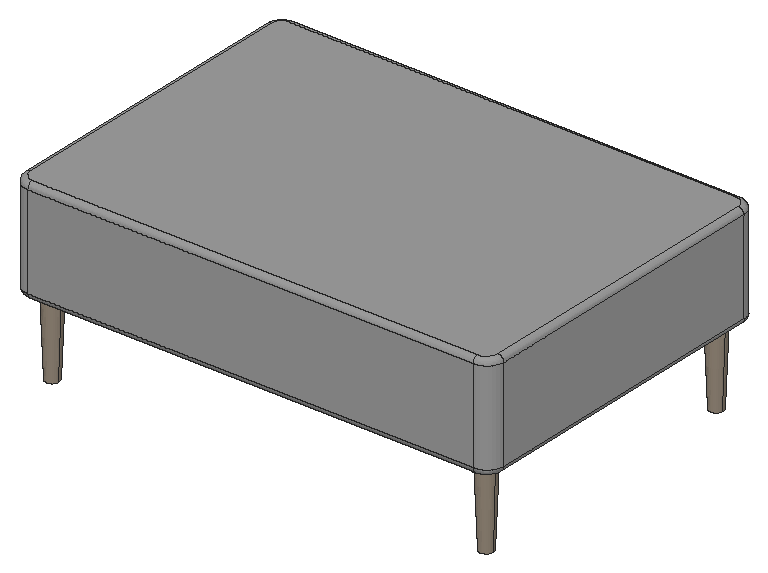
Revit family "Rise_RS-90-SPN-UPH_90DegSpannerUpholsteredTop", category Furniture, Revit 2021
Family settings
  OmniClass Number = 23.40.20.00
  OmniClass Title = General Furniture and Specialties
  Work Plane-Based = No
  Always vertical = Yes
  Cut with Voids When Loaded = No
  Shared = No
  Room Calculation Point = No
Parameters
  width = 43"
  seat material = Fabric 18i
  seat height = 16 1/2"
  front width = 8"
  depth = 30"
  Default Elevation = 0"
  Base material = wooden base 18
Reference planes (in)
  plane 1 "Center Front/Back": y = 0
  plane 2: z = 0
  plane 3 "Center Left/Right": x = 0
  plane 4: y = 15
  plane 5: y = -15
  plane 6: x = -21.5
  plane 7: x = 21.5
  plane 8: z = 16.5
  plane 9: z = 7.125
  plane 10: z = 17
Forms (in)
  Blend 1, solid, material "wooden base 18" <- "Base material", not visible
    base sketch origin (-54.96047, -8.1264, 0) x (1, 0, 0) y (0, 1, 0)
      loop
        circle (63.95812, 0.96991) r 0.875
    top sketch origin (-54.96047, -8.1264, 0) x (1, 0, 0) y (0, 1, 0)
      loop
        circle (63.95812, 0.96991) r 0.62593
    from 7.12323 to 0
  Extrusion 2, void, not visible
    sketch origin (-14.90551, -5.70989, 0) x (1, 0, 0) y (0, 1, 0)
      loop
        circle (23.90316, -1.4466) r 0.3906
    from 0 to 7.12323
  Blend 3, solid, material "wooden base 18" <- "Base material"
    base sketch origin (-83.46292, -13.88637, 0) x (1, 0, 0) y (0, 1, 0)
      loop
        circle (63.95812, 26.80283) r 0.875
    top sketch origin (-83.46292, -13.88637, 0) x (1, 0, 0) y (0, 1, 0)
      loop
        circle (63.95812, 26.80283) r 0.62593
    from 7.12323 to 0
  Extrusion 4, void
    sketch origin (-43.40796, -11.46986, 0) x (1, 0, 0) y (0, 1, 0)
      loop
        circle (23.90316, 24.38632) r 0.3906
    from 0 to 7.12323
  Extrusion 5, solid, material "Fabric 18i" <- "seat material"
    sketch origin (0, 0, 0) x (1, 0, 0) y (0, 1, 0)
      loop
        line (-21.5, 13.5) -> (-21.5, -13.5)
        arc (-21.5, -13.5) -> (-21.06066, -14.56066) -> (-20, -15) r 1.5
        line (-20, -15) -> (20, -15)
        arc (20, -15) -> (21.06066, -14.56066) -> (21.5, -13.5) r 1.5
        line (21.5, -13.5) -> (21.5, 13.5)
        arc (21.5, 13.5) -> (21.06066, 14.56066) -> (20, 15) r 1.5
        line (20, 15) -> (-20, 15)
        arc (-20, 15) -> (-21.06066, 14.56066) -> (-21.5, 13.5) r 1.5
    from 7.125 to 16.5
  Sweep 6, void
    path in 3D
      loop
        arc (21.5, 13.5, 16.5) -> (21.06066, 14.56066, 16.5) -> (20, 15, 16.5) r 1.5
        line (20, 15, 16.5) -> (-20, 15, 16.5)
        arc (-20, 15, 16.5) -> (-21.06066, 14.56066, 16.5) -> (-21.5, 13.5, 16.5) r 1.5
        line (-21.5, 13.5, 16.5) -> (-21.5, -13.5, 16.5)
        arc (-21.5, -13.5, 16.5) -> (-21.06066, -14.56066, 16.5) -> (-20, -15, 16.5) r 1.5
        line (-20, -15, 16.5) -> (20, -15, 16.5)
        arc (20, -15, 16.5) -> (21.06066, -14.56066, 16.5) -> (21.5, -13.5, 16.5) r 1.5
        line (21.5, -13.5, 16.5) -> (21.5, 13.5, 16.5)
    profile origin (21.5, 0, 16.5) x (-1, 0, 0) y (0, 0, 1)
      loop
        line (0, 0) -> (0, -0.5)
        arc (0, -0.5) -> (0.14645, -0.14645) -> (0.5, 0) r 0.5
        line (0.5, 0) -> (0, 0)
  Sweep 7, void
    path in 3D
      loop
        arc (-21.5, 13.5, 7.125) -> (-21.06066, 14.56066, 7.125) -> (-20, 15, 7.125) r 1.5
        line (-20, 15, 7.125) -> (20, 15, 7.125)
        arc (20, 15, 7.125) -> (21.06066, 14.56066, 7.125) -> (21.5, 13.5, 7.125) r 1.5
        line (21.5, 13.5, 7.125) -> (21.5, -13.5, 7.125)
        arc (21.5, -13.5, 7.125) -> (21.06066, -14.56066, 7.125) -> (20, -15, 7.125) r 1.5
        line (20, -15, 7.125) -> (-20, -15, 7.125)
        arc (-20, -15, 7.125) -> (-21.06066, -14.56066, 7.125) -> (-21.5, -13.5, 7.125) r 1.5
        line (-21.5, -13.5, 7.125) -> (-21.5, 13.5, 7.125)
    profile origin (-21.5, 0, 7.125) x (1, 0, 0) y (0, 0, -1)
      loop
        line (0, 0) -> (0, -0.5)
        arc (0, -0.5) -> (0.14645, -0.14645) -> (0.5, 0) r 0.5
        line (0.5, 0) -> (0, 0)
  Blend 8, solid, material "wooden base 18" <- "Base material"
    base sketch origin (83.46292, 13.88637, 0) x (-1, 0, 0) y (0, -1, 0)
      loop
        circle (63.95812, 0.96991) r 0.875
    top sketch origin (83.46292, 13.88637, 0) x (-1, 0, 0) y (0, -1, 0)
      loop
        circle (63.95812, 0.96991) r 0.62593
    from 7.12323 to 0
  Extrusion 9, void
    sketch origin (43.40796, 11.46986, 0) x (-1, 0, 0) y (0, -1, 0)
      loop
        circle (23.90316, -1.4466) r 0.3906
    from 0 to 7.12323
  Blend 10, solid, material "wooden base 18" <- "Base material"
    base sketch origin (-83.46292, 13.88637, 0) x (1, 0, 0) y (0, 1, 0)
      loop
        circle (63.95812, -26.80283) r 0.875
    top sketch origin (-83.46292, 13.88637, 0) x (1, 0, 0) y (0, 1, 0)
      loop
        circle (63.95812, -26.80283) r 0.62593
    from 7.12323 to 0
  Extrusion 11, void
    sketch origin (-43.40796, 11.46986, 0) x (1, 0, 0) y (0, 1, 0)
      loop
        circle (23.90316, -24.38632) r 0.3906
    from 0 to 7.12323
  Blend 12, solid, material "wooden base 18" <- "Base material"
    base sketch origin (83.46292, -13.88637, 0) x (-1, 0, 0) y (0, -1, 0)
      loop
        circle (63.95812, -0.96991) r 0.875
    top sketch origin (83.46292, -13.88637, 0) x (-1, 0, 0) y (0, -1, 0)
      loop
        circle (63.95812, -0.96991) r 0.62593
    from 7.12323 to 0
  Extrusion 13, void
    sketch origin (43.40796, -11.46986, 0) x (-1, 0, 0) y (0, -1, 0)
      loop
        circle (23.90316, 1.4466) r 0.3906
    from 0 to 7.12323
Cuts and joins
  Extrusion 4, Extrusion 9, Extrusion 11 cuts Blend 3
  Sweep 6, Sweep 7, Extrusion 9, Extrusion 11, Extrusion 13 cuts Extrusion 5
  Extrusion 9, Extrusion 13 cuts Blend 8
  Extrusion 11 cuts Blend 10
  Extrusion 13 cuts Blend 12
Lines and regions (in)
  sketch lines
    curve 1: line (21.5, -13.5, 16.5) -> (21.5, 13.5, 16.5)
    curve 2: arc (20, 15, 16.5) -> (21.06066, 14.56066, 16.5) -> (21.5, 13.5, 16.5) r 1.5
    curve 3: arc (21.5, -13.5, 16.5) -> (21.06066, -14.56066, 16.5) -> (20, -15, 16.5) r 1.5
    curve 4: line (-20, -15, 16.5) -> (20, -15, 16.5)
    curve 5: arc (-20, -15, 16.5) -> (-21.06066, -14.56066, 16.5) -> (-21.5, -13.5, 16.5) r 1.5
    curve 6: line (-21.5, 13.5, 16.5) -> (-21.5, -13.5, 16.5)
    curve 7: arc (-21.5, 13.5, 16.5) -> (-21.06066, 14.56066, 16.5) -> (-20, 15, 16.5) r 1.5
    curve 8: line (20, 15, 16.5) -> (-20, 15, 16.5)
    curve 9: line (-21.5, -13.5, 7.125) -> (-21.5, 13.5, 7.125)
    curve 10: arc (-20, 15, 7.125) -> (-21.06066, 14.56066, 7.125) -> (-21.5, 13.5, 7.125) r 1.5
    curve 11: arc (-21.5, -13.5, 7.125) -> (-21.06066, -14.56066, 7.125) -> (-20, -15, 7.125) r 1.5
    curve 12: line (20, -15, 7.125) -> (-20, -15, 7.125)
    curve 13: arc (20, -15, 7.125) -> (21.06066, -14.56066, 7.125) -> (21.5, -13.5, 7.125) r 1.5
    curve 14: line (21.5, 13.5, 7.125) -> (21.5, -13.5, 7.125)
    curve 15: arc (21.5, 13.5, 7.125) -> (21.06066, 14.56066, 7.125) -> (20, 15, 7.125) r 1.5
    curve 16: line (-20, 15, 7.125) -> (20, 15, 7.125)
Dimensions and locks (in)
  equal spacing: plane 6, plane 3 "Center Left/Right", plane 7
  equal spacing: plane 4, plane 1 "Center Front/Back", plane 5
  "depth": plane 4 to plane 5
  "width": plane 6 to plane 7
  "seat height": plane 8 to level
  plane 9 to level = 7 1/8"
  diameter of Blend 1 sketch curve = 1.25187"
  diameter of Extrusion 2 sketch curve = 0.7812"
  diameter of Blend 3 sketch curve = 1.25187"
  diameter of Extrusion 4 sketch curve = 0.7812"
  diameter of Blend 8 sketch curve = 1.25187"
  diameter of Extrusion 9 sketch curve = 0.7812"
  diameter of Blend 10 sketch curve = 1.25187"
  diameter of Extrusion 11 sketch curve = 0.7812"
  diameter of Blend 12 sketch curve = 1.25187"
  diameter of Extrusion 13 sketch curve = 0.7812"
  aligned and locked: level to plane 2
  aligned and locked: plane 8 to Extrusion 5
  aligned and locked: Extrusion 5 sketch curve to plane 6
  aligned and locked: Extrusion 5 sketch curve to plane 5
  aligned and locked: Extrusion 5 sketch curve to plane 7
  aligned and locked: Extrusion 5 sketch curve to plane 4
Automatic sketch dimensions
  Extrusion 5 sketch curve to plane 4 = 1 1/2"
  plane 6 to Extrusion 5 sketch curve = 1 1/2"
  Extrusion 5 sketch curve to plane 7 = 1 1/2"
  Extrusion 5 sketch curve to Extrusion 5 sketch curve = 1 1/2"
  Sweep 6 sketch curve to profile plane = 0"  (x2)
  Sweep 6 sketch curve to Sweep 6 sketch curve = 1/2"
  profile plane to Sweep 7 sketch curve = 0"
  Sweep 7 sketch curve to profile plane = 0"
  Sweep 7 sketch curve to profile plane = 1/2"
  plane 6 to Blend 10 sketch curve = 1.99521"  (x2)
  plane 5 to Blend 10 sketch curve = 2.08354"  (x2)
  plane 6 to Extrusion 11 sketch curve = 1.99521"
  plane 5 to Extrusion 11 sketch curve = 2.08354"
  Blend 12 sketch curve to plane 7 = 1.99521"  (x2)
  plane 5 to Blend 12 sketch curve = 2.08354"  (x2)
  Extrusion 13 sketch curve to plane 7 = 1.99521"
  plane 5 to Extrusion 13 sketch curve = 2.08354"
  radius of Blend 1 sketch curve = 7/8"
  radius of Blend 3 sketch curve = 7/8"
  radius of Blend 8 sketch curve = 7/8"
  radius of Blend 10 sketch curve = 7/8"
  radius of Blend 12 sketch curve = 7/8"
